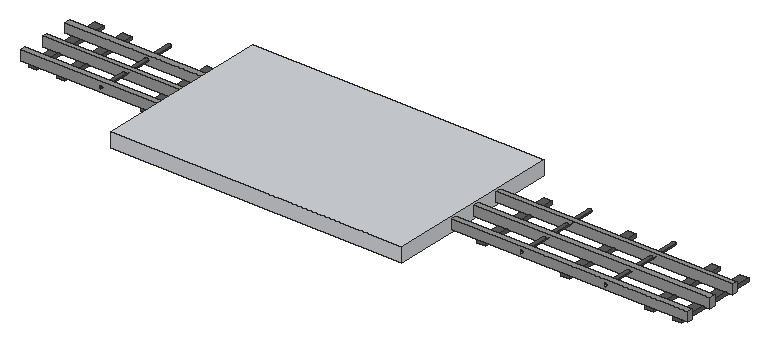
Revit family "1412-3, Veneer", category Generic Models, host Face, Revit 2020
Family settings
  Host = Face
  Can host rebar = No
  Round Connector Dimension = Use Diameter
  Part Type = Normal
  Cut with Voids When Loaded = No
  Shared = No
  Room Calculation Point = No
Parameters
  min_value [instance] = 2' - 4"  # constant formula
  max_value [instance] = 9' - 11 1/4"  # constant formula
  actual_value [instance] = if(NET LENGTH < min_value, min_value, if(NET LENGTH > max_value, max_value, NET LENGTH))  # 7' - 11 1/4"
  NET LENGTH [instance] = 7' - 11 1/4"
  IMPORTANT NOTE!!!                                                                             *Backer & dowel layout is for visualization purposes only, final layout to be determined by 9Wood. [instance] = ""
  Default Elevation = 4' - 0"
  DOWEL RADIUS [instance] = 0' - 0 1/4"  # constant formula
  BACKER & DOWEL MATERIAL [instance] = BLACK-BACKERS
  .. MEMBER WIDTH [instance] = 0' - 0 3/4"  # constant formula
  .. MEMBER MATERIAL [instance] = Veneer Cherry
  .. MEMBER DEPTH [instance] = 0' - 1 3/8"  # constant formula
  .. MEMBER COUNT [instance] = 3  # constant formula
Reference planes (in)
  plane 1 "Center (Front/Back)": y = 0
  plane 2: z = 0
  plane 3 "Center (Left/Right)": x = 0
Forms (in)
  Extrusion 1, solid
    sketch origin (0, 0, 0) x (1, 0, 0) y (0, 1, 0)
      loop
        line (-24.24823, 14.63962) -> (-24.24823, -10.69266) -> (17.36192, -10.69266) -> (17.36192, 14.63962) -> (-24.24823, 14.63962)
    from 0 to 2.0625
Dimensions and locks (in)
  aligned and locked: plane 2 to Extrusion 1
  aligned and locked: nested 1 to plane 2
Nested families (in)
  nested 1: "1400 series" at (-44.01308, -2.1224, -0.06061), NET LENGTH <- "actual_value", .. MEMBER DEPTH <- ".. MEMBER DEPTH", .. MEMBER WIDTH <- ".. MEMBER WIDTH", DOWEL RADIUS <- "DOWEL RADIUS", BACKER & DOWEL MATERIAL <- "BACKER & DOWEL MATERIAL", .. MEMBER MATERIAL <- ".. MEMBER MATERIAL", MEMBER COUNT <- ".. MEMBER COUNT", type "1400 series"
    with X 7' - 8", SCRIM MATERIAL SCRIM, SCRIM LENGTH 8' - 1", SCRIM APPEARANCE yes, SCRIM 2 0' - 0 7/8", SCRIM 1 0' - 0 3/32", OC TYP 1' - 0", NET LENGTH 7' - 11 1/4", N 8, MEMBER COUNT 3, INSET 2 0' - 0 3/16", INSET 0' - 1", HALF MEMBER WIDTH 0' - 0 3/8", END BACKER yes, DOWEL RADIUS 0' - 0 1/4", DOWEL INDEX 0' - 11 5/8", DOWEL COUNT 7, BACKING M COUNT 8, BACKER WIDTH 0' - 1 1/4", BACKER INDEX 0' - 5 5/8", BACKER DEPTH 0' - 0 1/2", BACKER & DOWEL MATERIAL BLACK-BACKERS, BACKER &  DOWEL LENGTH 0' - 11 7/8", .. MEMBER WIDTH 0' - 0 3/4", .. MEMBER OC TYP 0' - 4", .. MEMBER MATERIAL Veneer Cherry, .. MEMBER DEPTH 0' - 1 3/8"
Definition of nested family "1400 series"
  Parameters (values of type "1400 series")
    X [instance] = NET LENGTH - 0' 3 1/4"  # 7' - 2"
    SCRIM MATERIAL [instance] = none
    SCRIM APPEARANCE [instance] = yes
    SCRIM 2 [instance] = 0' - 0 7/8"  # constant formula
    SCRIM 1 [instance] = 0' - 0 3/32"  # constant formula
    OC TYP [instance] = 1' - 0"  # constant formula
    N [instance] = if((X - (rounddown(X / 1' 0") * 1' 0")) > 1' 0", rounddown(X / 1' 0") + 2, rounddown(X / 1' 0") + 1)  # 8
    MEMBER COUNT [instance] = 2
    INSET 5 = 0' - 0 11/16"  # constant formula
    INSET 2 [instance] = 0' - 0 3/16"  # constant formula
    INSET [instance] = 0' - 1"  # constant formula
    END BACKER [instance] = BACKER INDEX > 0' 3 5/8"  # no
    HALF MEMBER WIDTH [instance] = .. MEMBER WIDTH / 2  # 0' - 1 1/8"
    Default Elevation = 0' - 0"
    DOWEL RADIUS [instance] = 0' - 0 1/4"
    DOWEL INDEX [instance] = BACKER INDEX + 0' 6"  # 0' - 8 5/8"
    DOWEL COUNT [instance] = N - 1  # 7
    BACKER WIDTH [instance] = 0' - 1 1/4"  # constant formula
    BACKER INDEX [instance] = (NET LENGTH - ((N - 1) * 1' 0")) / 2  # 0' - 2 5/8"
    BACKER DEPTH [instance] = 0' - 0 1/2"  # constant formula
    BACKING M COUNT [instance] = N  # 8
    BACKER & DOWEL MATERIAL [instance] = none
    BACKER &  DOWEL LENGTH [instance] = 0' - 11 7/8"  # constant formula
    SCRIM LENGTH [instance] = NET LENGTH + (SCRIM 2 * 2)  # 7' - 7"
    .. MEMBER WIDTH [instance] = 0' - 2 1/4"
    .. MEMBER OC TYP [instance] = 1' 0" / MEMBER COUNT  # 0' - 6"
    .. MEMBER MATERIAL [instance] = none
    NET LENGTH [instance] = 7' - 5 1/4"
    .. MEMBER DEPTH [instance] = 0' - 4"
  Reference planes (in)
    plane 1 "Center (Front/Back)": y = 0
    plane 2: z = 0
    plane 3 "Center (Left/Right)": x = 0
    plane 4: x = 89.25
    plane 5: x = 1
    plane 6: x = 88.25
    plane 7: x = 2.625
    plane 8: x = 8.625
    plane 9: x = 14.625
    plane 10: x = 20.625
    plane 11: y = 0.1875
    plane 12: y = 1.125
    plane 13: y = 7.125
    plane 14: y = 12.0625
    plane 15: x = 90.125
    plane 16: x = -0.875
    plane 17: y = 12.15625
    plane 18: y = -0.09375
    plane 19: z = 2.7097
    plane 20: z = 0.56061
    plane 21: z = 1.24811
  Lines and regions (in)
    model lines, not visible
      curve 1: line (8.625, 0, 0.99811) -> (8.625, 0, 1.49811)
      curve 2: line (8.625, 0, 1.49811) -> (8.375, 0, 1.24811)
      curve 3: line (8.375, 0, 1.24811) -> (8.875, 0, 1.24811)
      curve 4: line (20.625, 0, 0.99811) -> (20.625, 0, 1.49811)
      curve 5: line (20.625, 0, 1.49811) -> (20.375, 0, 1.24811)
      curve 6: line (20.375, 0, 1.24811) -> (20.875, 0, 1.24811)
      curve 7: line (32.625, 0, 0.99811) -> (32.625, 0, 1.49811)
      curve 8: line (32.625, 0, 1.49811) -> (32.375, 0, 1.24811)
      curve 9: line (32.375, 0, 1.24811) -> (32.875, 0, 1.24811)
      curve 10: line (44.625, 0, 0.99811) -> (44.625, 0, 1.49811)
      curve 11: line (44.625, 0, 1.49811) -> (44.375, 0, 1.24811)
      curve 12: line (44.375, 0, 1.24811) -> (44.875, 0, 1.24811)
      curve 13: line (56.625, 0, 0.99811) -> (56.625, 0, 1.49811)
      curve 14: line (56.625, 0, 1.49811) -> (56.375, 0, 1.24811)
      curve 15: line (56.375, 0, 1.24811) -> (56.875, 0, 1.24811)
      curve 16: line (68.625, 0, 0.99811) -> (68.625, 0, 1.49811)
      curve 17: line (68.625, 0, 1.49811) -> (68.375, 0, 1.24811)
      curve 18: line (68.375, 0, 1.24811) -> (68.875, 0, 1.24811)
      curve 19: line (80.625, 0, 0.99811) -> (80.625, 0, 1.49811)
      curve 20: line (80.625, 0, 1.49811) -> (80.375, 0, 1.24811)
      curve 21: line (80.375, 0, 1.24811) -> (80.875, 0, 1.24811)
  Dimensions and locks (in)
    "INSET": plane 3 "Center (Left/Right)" to plane 5
    "NET LENGTH": plane 3 "Center (Left/Right)" to plane 4
    "INSET": plane 6 to plane 4
    "BACKER INDEX": plane 3 "Center (Left/Right)" to plane 7
    "DOWEL INDEX": plane 3 "Center (Left/Right)" to plane 8
    "OC TYP": plane 7 to plane 9
    "OC TYP": plane 8 to plane 10
    "INSET 2": plane 1 "Center (Front/Back)" to plane 11
    equal spacing: group 1, group 2, group 5, group 6, group 7, group 13, group 14, group 16  (x3)
    equal spacing: group 3, group 4, group 8, group 9, group 10, group 15, group 17  (x3)
    group 11 to group 12 = 0' - 0"  (x2)
    group 11 to group 12 = 0' - 6"
    ".. MEMBER OC TYP": plane 13 to plane 12
    "HALF MEMBER WIDTH": plane 1 "Center (Front/Back)" to plane 12
    "SCRIM 2": plane 16 to plane 3 "Center (Left/Right)"
    "SCRIM 2": plane 4 to plane 15
    "SCRIM 1": plane 18 to plane 1 "Center (Front/Back)"
    "SCRIM 1": plane 17 to plane 14
    "INSET 5": plane 21 to plane 20
    aligned and locked: level to plane 2
    aligned and locked: plane 7 to nested 2
    aligned and locked: plane 5 to nested 1
    aligned and locked: plane 9 to nested 3
    aligned and locked: nested 1 to plane 5
    aligned and locked: nested 2 to plane 11
    aligned and locked: nested 1 to plane 11
    aligned and locked: nested 3 to plane 11
    aligned and locked: nested 4 to plane 11  (x2)
    aligned and locked: plane 10 to nested 5
    aligned and locked: plane 6 to nested 12
    aligned and locked: nested 5 to plane 11
    aligned and locked: plane 11 to nested 12
    aligned and locked: plane 12 to nested 13
    aligned and locked: nested 14 to plane 13
    aligned and locked: plane 14 to nested 8
    aligned and locked: nested 13 to plane 20
    aligned and locked: plane 21 to nested 4
    aligned and locked: plane 21 to nested 5
    aligned and locked: nested 13 to plane 8
    aligned and locked: plane 10 to nested 13
    aligned and locked: curve 1 to nested 13
    aligned and locked: nested 13 to curve 4
    aligned and locked: plane 20 to nested 1
    aligned and locked: plane 20 to nested 2
    aligned and locked: nested 12 to plane 20
  Automatic sketch dimensions
    curve 3 to curve 1 = 0' - 0 1/4"  (x2)
    curve 1 to curve 3 = 0' - 0 1/4"
    curve 1 to curve 2 = 0' - 0 1/4"
    curve 6 to curve 4 = 0' - 0 1/4"  (x2)
    curve 4 to curve 6 = 0' - 0 1/4"
    curve 4 to curve 5 = 0' - 0 1/4"
    curve 9 to curve 7 = 0' - 0 1/4"  (x2)
    curve 7 to curve 9 = 0' - 0 1/4"
    curve 7 to curve 8 = 0' - 0 1/4"
    curve 12 to curve 10 = 0' - 0 1/4"  (x2)
    curve 10 to curve 12 = 0' - 0 1/4"
    curve 10 to curve 11 = 0' - 0 1/4"
    curve 15 to curve 13 = 0' - 0 1/4"  (x2)
    curve 13 to curve 15 = 0' - 0 1/4"
    curve 13 to curve 14 = 0' - 0 1/4"
    curve 18 to curve 16 = 0' - 0 1/4"  (x2)
    curve 16 to curve 18 = 0' - 0 1/4"
    curve 16 to curve 17 = 0' - 0 1/4"
    curve 21 to curve 19 = 0' - 0 1/4"  (x2)
    curve 19 to curve 21 = 0' - 0 1/4"
    curve 19 to curve 20 = 0' - 0 1/4"
  Nested families (in)
    nested 1: "INSTANCE - 3RD -  EXTEND BOTH SIDES - Parametric Cube.0001" at (1, 0.1875, 0.56061), Length <- "BACKER &  DOWEL LENGTH", Width <- "BACKER WIDTH", Height <- "BACKER DEPTH", Material <- "BACKER & DOWEL MATERIAL", visible <- "END BACKER", type "INSTANCE - 3RD -  EXTEND BOTH SIDES - Parametric Cube.0001"
      with Width 0' - 1 1/4", Material none, Length 0' - 11 7/8", Height 0' - 0 1/2"
    nested 2: "INSTANCE - 2ND -  EXTEND SIDE H CENTER W - Parametric Cube.0001" at (2.625, 0.1875, 0.56061), Width <- "BACKER WIDTH", Length <- "BACKER &  DOWEL LENGTH", Height <- "BACKER DEPTH", Material <- "BACKER & DOWEL MATERIAL", type "INSTANCE - 2ND -  EXTEND SIDE H CENTER W - Parametric Cube.0001"
      with Width 0' - 1 1/4", Material none, Length 0' - 11 7/8", Height 0' - 0 1/2"
    nested 3: "INSTANCE - 2ND -  EXTEND SIDE H CENTER W - Parametric Cube.0001" at (14.625, 0.1875, 0.56061), Width <- "BACKER WIDTH", Length <- "BACKER &  DOWEL LENGTH", Height <- "BACKER DEPTH", Material <- "BACKER & DOWEL MATERIAL", type "INSTANCE - 2ND -  EXTEND SIDE H CENTER W - Parametric Cube.0001"
      with Width 0' - 1 1/4", Material none, Length 0' - 11 7/8", Height 0' - 0 1/2"
    nested 4: "DOWEL" at (-1.375, 0.1875, 1.24811), DOWEL LENGTH <- "BACKER &  DOWEL LENGTH", DOWEL RADII <- "DOWEL RADIUS", BACKING MEM MATERIAL <- "BACKER & DOWEL MATERIAL", type "DOWEL"
      with DOWEL RADII 0' - 0 1/4", DOWEL LENGTH 0' - 11 7/8", BACKING MEM MATERIAL none
    nested 5: "DOWEL" at (10.625, 0.1875, 1.24811), DOWEL LENGTH <- "BACKER &  DOWEL LENGTH", DOWEL RADII <- "DOWEL RADIUS", BACKING MEM MATERIAL <- "BACKER & DOWEL MATERIAL", type "DOWEL"
      with DOWEL RADII 0' - 0 1/4", DOWEL LENGTH 0' - 11 7/8", BACKING MEM MATERIAL none
    nested 6: "INSTANCE - 2ND -  EXTEND SIDE H CENTER W - Parametric Cube.0001" at (26.625, 0.1875, 0.56061), Width <- "BACKER WIDTH", Length <- "BACKER &  DOWEL LENGTH", Height <- "BACKER DEPTH", Material <- "BACKER & DOWEL MATERIAL", type "INSTANCE - 2ND -  EXTEND SIDE H CENTER W - Parametric Cube.0001"
      with Width 0' - 1 1/4", Material none, Length 0' - 11 7/8", Height 0' - 0 1/2"
    nested 7: "INSTANCE - 2ND -  EXTEND SIDE H CENTER W - Parametric Cube.0001" at (38.625, 0.1875, 0.56061), Width <- "BACKER WIDTH", Length <- "BACKER &  DOWEL LENGTH", Height <- "BACKER DEPTH", Material <- "BACKER & DOWEL MATERIAL", type "INSTANCE - 2ND -  EXTEND SIDE H CENTER W - Parametric Cube.0001"
      with Width 0' - 1 1/4", Material none, Length 0' - 11 7/8", Height 0' - 0 1/2"
    nested 8: "INSTANCE - 2ND -  EXTEND SIDE H CENTER W - Parametric Cube.0001" at (50.625, 0.1875, 0.56061), Width <- "BACKER WIDTH", Length <- "BACKER &  DOWEL LENGTH", Height <- "BACKER DEPTH", Material <- "BACKER & DOWEL MATERIAL", type "INSTANCE - 2ND -  EXTEND SIDE H CENTER W - Parametric Cube.0001"
      with Width 0' - 1 1/4", Material none, Length 0' - 11 7/8", Height 0' - 0 1/2"
    nested 9: "DOWEL" at (22.625, 0.1875, 1.24811), DOWEL LENGTH <- "BACKER &  DOWEL LENGTH", DOWEL RADII <- "DOWEL RADIUS", BACKING MEM MATERIAL <- "BACKER & DOWEL MATERIAL", type "DOWEL"
      with DOWEL RADII 0' - 0 1/4", DOWEL LENGTH 0' - 11 7/8", BACKING MEM MATERIAL none
    nested 10: "DOWEL" at (34.625, 0.1875, 1.24811), DOWEL LENGTH <- "BACKER &  DOWEL LENGTH", DOWEL RADII <- "DOWEL RADIUS", BACKING MEM MATERIAL <- "BACKER & DOWEL MATERIAL", type "DOWEL"
      with DOWEL RADII 0' - 0 1/4", DOWEL LENGTH 0' - 11 7/8", BACKING MEM MATERIAL none
    nested 11: "DOWEL" at (46.625, 0.1875, 1.24811), DOWEL LENGTH <- "BACKER &  DOWEL LENGTH", DOWEL RADII <- "DOWEL RADIUS", BACKING MEM MATERIAL <- "BACKER & DOWEL MATERIAL", type "DOWEL"
      with DOWEL RADII 0' - 0 1/4", DOWEL LENGTH 0' - 11 7/8", BACKING MEM MATERIAL none
    nested 12: "INSTANCE - 3RD -  EXTEND BOTH SIDES - Parametric Cube.0001" at (88.25, 0.1875, 0.56061) x (-1, 0, 0) z (0, 0, 1), Width <- "BACKER WIDTH", Length <- "BACKER &  DOWEL LENGTH", Height <- "BACKER DEPTH", Material <- "BACKER & DOWEL MATERIAL", visible <- "END BACKER", type "INSTANCE - 3RD -  EXTEND BOTH SIDES - Parametric Cube.0001"
      with Width 0' - 1 1/4", Material none, Length 0' - 11 7/8", Height 0' - 0 1/2"
    nested 13: "HOLED MEMBER" at (0, -9.75, 8.12965), DOWEL INDEX <- "DOWEL INDEX", .. MEMBER LENGTH <- "NET LENGTH", .. MEMBER WIDTH <- ".. MEMBER WIDTH", DOWEL OC DIST <- "OC TYP", DOWEL RADII <- "DOWEL RADIUS", Material <- ".. MEMBER MATERIAL", DEPTH <- ".. MEMBER DEPTH", DOWEL COUNT <- "DOWEL COUNT", Space <- "INSET 5", type "HOLED MEMBER"
      with Space 0' - 0 11/16", Material none, Height 0' - 10.43096", HALF MEMBER WIDTH 0' - 1 1/8", DOWEL RADII 0' - 0 1/4", DOWEL OC DIST 1' - 0", DOWEL INDEX 0' - 8 5/8", DOWEL COUNT 7, DEPTH 0' - 4", .. MEMBER WIDTH 0' - 2 1/4", .. MEMBER LENGTH 7' - 5 1/4"
    nested 14: "HOLED MEMBER" at (0, -3.75, 8.12965), DOWEL INDEX <- "DOWEL INDEX", .. MEMBER LENGTH <- "NET LENGTH", .. MEMBER WIDTH <- ".. MEMBER WIDTH", DOWEL OC DIST <- "OC TYP", DOWEL RADII <- "DOWEL RADIUS", Material <- ".. MEMBER MATERIAL", DEPTH <- ".. MEMBER DEPTH", DOWEL COUNT <- "DOWEL COUNT", Space <- "INSET 5", type "HOLED MEMBER"
      with Space 0' - 0 11/16", Material none, Height 0' - 10.43096", HALF MEMBER WIDTH 0' - 1 1/8", DOWEL RADII 0' - 0 1/4", DOWEL OC DIST 1' - 0", DOWEL INDEX 0' - 8 5/8", DOWEL COUNT 7, DEPTH 0' - 4", .. MEMBER WIDTH 0' - 2 1/4", .. MEMBER LENGTH 7' - 5 1/4"
    nested 15: "INSTANCE - 2ND -  EXTEND SIDE H CENTER W - Parametric Cube.0001" at (62.625, 0.1875, 0.56061), Width <- "BACKER WIDTH", Length <- "BACKER &  DOWEL LENGTH", Height <- "BACKER DEPTH", Material <- "BACKER & DOWEL MATERIAL", type "INSTANCE - 2ND -  EXTEND SIDE H CENTER W - Parametric Cube.0001"
      with Width 0' - 1 1/4", Material none, Length 0' - 11 7/8", Height 0' - 0 1/2"
    nested 16: "INSTANCE - 2ND -  EXTEND SIDE H CENTER W - Parametric Cube.0001" at (74.625, 0.1875, 0.56061), Width <- "BACKER WIDTH", Length <- "BACKER &  DOWEL LENGTH", Height <- "BACKER DEPTH", Material <- "BACKER & DOWEL MATERIAL", type "INSTANCE - 2ND -  EXTEND SIDE H CENTER W - Parametric Cube.0001"
      with Width 0' - 1 1/4", Material none, Length 0' - 11 7/8", Height 0' - 0 1/2"
    nested 17: "DOWEL" at (58.625, 0.1875, 1.24811), DOWEL LENGTH <- "BACKER &  DOWEL LENGTH", DOWEL RADII <- "DOWEL RADIUS", BACKING MEM MATERIAL <- "BACKER & DOWEL MATERIAL", type "DOWEL"
      with DOWEL RADII 0' - 0 1/4", DOWEL LENGTH 0' - 11 7/8", BACKING MEM MATERIAL none
    nested 18: "INSTANCE - 2ND -  EXTEND SIDE H CENTER W - Parametric Cube.0001" at (86.625, 0.1875, 0.56061), Width <- "BACKER WIDTH", Length <- "BACKER &  DOWEL LENGTH", Height <- "BACKER DEPTH", Material <- "BACKER & DOWEL MATERIAL", type "INSTANCE - 2ND -  EXTEND SIDE H CENTER W - Parametric Cube.0001"
      with Width 0' - 1 1/4", Material none, Length 0' - 11 7/8", Height 0' - 0 1/2"
    nested 19: "DOWEL" at (70.625, 0.1875, 1.24811), DOWEL LENGTH <- "BACKER &  DOWEL LENGTH", DOWEL RADII <- "DOWEL RADIUS", BACKING MEM MATERIAL <- "BACKER & DOWEL MATERIAL", type "DOWEL"
      with DOWEL RADII 0' - 0 1/4", DOWEL LENGTH 0' - 11 7/8", BACKING MEM MATERIAL none
  Definition of nested family "INSTANCE - 3RD -  EXTEND BOTH SIDES - Parametric Cube.0001"
    Parameters (values of type "INSTANCE - 3RD -  EXTEND BOTH SIDES - Parametric Cube.0001")
      Width [instance] = 0' - 6"
      Material [instance] = none
      Length [instance] = 1' - 0"
      Height [instance] = 1' - 6"
      Default Elevation = 0' - 0"
    Reference planes (in)
      plane 1 "Center (Front/Back)": y = 0
      plane 2: z = 0
      plane 3 "Center (Left/Right)": x = 0
      plane 4: x = 6
      plane 5: y = 12
      plane 6: z = -18
    Forms (in)
      Extrusion 1, solid, material <- "Material"
        sketch origin (0, 6, 0) x (1, 0, 0) y (0, 1, 0)
          loop
            line (0, 6) -> (0, -6) -> (6, -6) -> (6, 6) -> (0, 6)
        from -18 to 0
    Dimensions and locks (in)
      "Height": plane 6 to level
      "Length": plane 1 "Center (Front/Back)" to plane 5
      "Width": plane 3 "Center (Left/Right)" to plane 4
      aligned and locked: plane 2 to level
      aligned and locked: Extrusion 1 sketch curve to plane 4
      aligned and locked: Extrusion 1 to plane 6
      aligned and locked: plane 5 to Extrusion 1
      aligned and locked: Extrusion 1 to plane 3 "Center (Left/Right)"
    Automatic sketch dimensions
      plane 1 "Center (Front/Back)" to Extrusion 1 sketch curve = 0' - 0"
      plane 5 to Extrusion 1 sketch curve = 0' - 0"
      Extrusion 1 sketch curve to plane 3 "Center (Left/Right)" = 0' - 0"
  Definition of nested family "INSTANCE - 2ND -  EXTEND SIDE H CENTER W - Parametric Cube.0001"
    Parameters (values of type "INSTANCE - 2ND -  EXTEND SIDE H CENTER W - Parametric Cube.0001")
      Width [instance] = 0' - 6"
      Material [instance] = none
      Length [instance] = 1' - 0"
      Height [instance] = 1' - 6"
      Default Elevation = 0' - 0"
    Reference planes (in)
      plane 1 "Center (Front/Back)": y = 0
      plane 2: z = 0
      plane 3 "Center (Left/Right)": x = 0
      plane 4: x = -3
      plane 5: x = 3
      plane 6: y = 12
      plane 7: z = -18
    Forms (in)
      Extrusion 1, solid, material <- "Material"
        sketch origin (0, 6, 0) x (1, 0, 0) y (0, 1, 0)
          loop
            line (-3, 6) -> (-3, -6) -> (3, -6) -> (3, 6) -> (-3, 6)
        from -18 to 0
    Dimensions and locks (in)
      equal spacing: plane 4, plane 3 "Center (Left/Right)", plane 5
      "Width": plane 4 to plane 5
      "Height": plane 7 to level
      "Length": plane 1 "Center (Front/Back)" to plane 6
      aligned and locked: plane 2 to level
      aligned and locked: plane 4 to Extrusion 1 sketch curve
      aligned and locked: Extrusion 1 sketch curve to plane 5
      aligned and locked: Extrusion 1 to plane 7
      aligned and locked: plane 6 to Extrusion 1
    Automatic sketch dimensions
      plane 1 "Center (Front/Back)" to Extrusion 1 sketch curve = 0' - 0"
      plane 6 to Extrusion 1 sketch curve = 0' - 0"
  Definition of nested family "DOWEL"
    Parameters (values of type "DOWEL")
      Default Elevation = 0' - 0"
      DOWEL RADII [instance] = 0' - 0 5/8"
      DOWEL LENGTH [instance] = 1' - 0"
      BACKING MEM MATERIAL [instance] = none
    Reference planes (in)
      plane 1 "Center (Front/Back)": y = 0
      plane 2: z = 0
      plane 3 "Center (Left/Right)": x = 0
      plane 4: y = 12
    Forms (in)
      Extrusion 1, solid, material <- "BACKING MEM MATERIAL"
        sketch origin (10, 0, 0) x (1, 0, 0) y (0, 0, 1)
          loop
            circle (0, 0) r 0.625
        from 0 to -12
      Extrusion 2, solid, not visible
        sketch origin (0, 0, 0) x (1, 0, 0) y (0, 0, 1)
          loop
            circle (0, 0) r 0.625
        from 0 to 12
      Extrusion 3, solid, not visible
        sketch origin (10, 0, 0) x (1, 0, 0) y (0, 0, 1)
          loop
            circle (0, 0) r 0.625
        from 0 to 2.5
      Extrusion 4, solid, not visible
        sketch origin (10, 0, 0) x (1, 0, 0) y (0, 0, 1)
          loop
            circle (0, 0) r 0.625
        from 0 to -12
    Lines and regions (in)
      model lines, not visible
        curve 1: line (-13, 0, 0) -> (-13, -12, 0)
        curve 2: line (13, 0, 0) -> (13, -12, 0)
        curve 3: line (9.89453, 0, 0) -> (10.08794, 0, 0)
        curve 4: line (9.89453, -2.5, 0) -> (10.08794, -2.5, 0)
        curve 6: line (10, 0, 0) -> (10, 2, 0)
      model lines
        curve 5: line (10, 0, 0) -> (10, 2, 0)
    Dimensions and locks (in)
      "DOWEL LENGTH": plane 1 "Center (Front/Back)" to plane 4
      "DOWEL RADII": radius of Extrusion 1 sketch curve
      "DOWEL RADII": radius of Extrusion 2 sketch curve
      "DOWEL RADII": radius of Extrusion 3 sketch curve
      "DOWEL RADII": radius of Extrusion 4 sketch curve
      "DOWEL RADII": radius of Extrusion 1
      aligned and locked: plane 2 to level
      aligned and locked: Extrusion 1 to plane 1 "Center (Front/Back)"  (x3)
      aligned and locked: plane 1 "Center (Front/Back)" to Extrusion 1
      aligned and locked: plane 4 to Extrusion 1
    Automatic sketch dimensions
      plane 1 "Center (Front/Back)" to curve 5 = 0' - 0"
      curve 5 to plane 1 "Center (Front/Back)" = 0' - 2"
      plane 3 "Center (Left/Right)" to curve 5 = 0' - 10"
      Extrusion 1 sketch curve to level = 0' - 0"
      plane 3 "Center (Left/Right)" to Extrusion 1 sketch curve = 0' - 10"
  Definition of nested family "HOLED MEMBER"
    Parameters (values of type "HOLED MEMBER")
      Space [instance] = 0' - 0 5/8"
      Material [instance] = none
      Height [instance] = 0' - 10.43096"
      HALF MEMBER WIDTH [instance] = .. MEMBER WIDTH / 2  # 0' - 0 5/16"
      Default Elevation = 0' - 0"
      DOWEL RADII [instance] = 0' - 0.34537"
      DOWEL OC DIST [instance] = 1' - 0"
      DOWEL INSET = 0' - 0 5/8"
      DOWEL INDEX [instance] = 0' - 5 5/8"
      DOWEL COUNT [instance] = 6
      DEPTH [instance] = 0' - 2"
      .. MEMBER WIDTH [instance] = 0' - 0 5/8"
      .. MEMBER LENGTH [instance] = 5' - 11 3/4"
    Reference planes (in)
      plane 1 "Center (Front/Back)": y = 12
      plane 2: z = -7.56904
      plane 3 "Center (Left/Right)": x = 0
      plane 4: x = 5.625
      plane 5: x = 17.625
      plane 6: y = 11.375
      plane 7: x = 71.75
      plane 8: y = 11.6875
      plane 9: z = -6.94404
      plane 10: z = -5.56904
    Forms (in)
      Extrusion 1, solid, material <- "Material"
        sketch origin (0, 12, -13.56904) x (1, 0, 0) y (0, 0, 1)
          loop
            line (0, 6) -> (71.75, 6) -> (71.75, 8) -> (0, 8) -> (0, 6)
        from 0.625 to 0
      Extrusion 2, void
        sketch origin (0, 12, -18.31904) x (1, 0, 0) y (0, 0, 1)
          loop
            circle (5.625, 11.375) r 0.34537
        from 0 to 12
      Extrusion 3, void, not visible
        sketch origin (0, 0, 0) x (1, 0, 0) y (0, 1, 0)
          loop
            circle (5.625, 11.375) r 0.34537
        from 0 to 12
      Extrusion 4, void, not visible
        sketch origin (0, 0, 0) x (1, 0, 0) y (0, 1, 0)
          loop
            circle (5.625, 11.375) r 0.34537
        from 0 to 12
      Extrusion 5, void, not visible
        sketch origin (12, 0, 0) x (1, 0, 0) y (0, 1, 0)
          loop
            circle (5.625, 11.375) r 0.34537
        from 0 to 12
      Extrusion 6, void, not visible
        sketch origin (0, 12, -17.56904) x (1, 0, 0) y (0, 0, 1)
          loop
            circle (5.625, 11.375) r 0.34537
        from 0 to 12
      Extrusion 7, void, not visible
        sketch origin (12, 12, -17.56904) x (1, 0, 0) y (0, 0, 1)
          loop
            circle (5.625, 11.375) r 0.34537
        from 0 to 12
      Extrusion 8, void, not visible
        sketch origin (0, 12, -19.56904) x (1, 0, 0) y (0, 0, 1)
          loop
            circle (5.625, 11.375) r 0.34537
        from 0 to 12
      Extrusion 9, void
        sketch origin (12, 12, -18.31904) x (1, 0, 0) y (0, 0, 1)
          loop
            circle (5.625, 11.375) r 0.34537
        from 0 to 12
      Extrusion 10, void
        sketch origin (24, 12, -18.31904) x (1, 0, 0) y (0, 0, 1)
          loop
            circle (5.625, 11.375) r 0.34537
        from 0 to 12
      Extrusion 11, void
        sketch origin (36, 12, -18.31904) x (1, 0, 0) y (0, 0, 1)
          loop
            circle (5.625, 11.375) r 0.34537
        from 0 to 12
      Extrusion 12, void
        sketch origin (48, 12, -18.31904) x (1, 0, 0) y (0, 0, 1)
          loop
            circle (5.625, 11.375) r 0.34537
        from 0 to 12
      Extrusion 13, void
        sketch origin (60, 12, -18.31904) x (1, 0, 0) y (0, 0, 1)
          loop
            circle (5.625, 11.375) r 0.34537
        from 0 to 12
      Extrusion 14, void, not visible
        sketch origin (24, 12, -17.56904) x (1, 0, 0) y (0, 0, 1)
          loop
            circle (5.625, 11.375) r 0.34537
        from 0 to 12
      Extrusion 15, void, not visible
        sketch origin (36, 12, -17.56904) x (1, 0, 0) y (0, 0, 1)
          loop
            circle (5.625, 11.375) r 0.34537
        from 0 to 12
      Extrusion 16, void, not visible
        sketch origin (48, 12, -17.56904) x (1, 0, 0) y (0, 0, 1)
          loop
            circle (5.625, 11.375) r 0.34537
        from 0 to 12
      Extrusion 17, void, not visible
        sketch origin (60, 12, -17.56904) x (1, 0, 0) y (0, 0, 1)
          loop
            circle (5.625, 11.375) r 0.34537
        from 0 to 12
      Extrusion 18, void, not visible
        sketch origin (24, 0, 0) x (1, 0, 0) y (0, 1, 0)
          loop
            circle (5.625, 11.375) r 0.34537
        from 0 to 12
      Extrusion 19, void, not visible
        sketch origin (36, 0, 0) x (1, 0, 0) y (0, 1, 0)
          loop
            circle (5.625, 11.375) r 0.34537
        from 0 to 12
      Extrusion 20, void, not visible
        sketch origin (48, 0, 0) x (1, 0, 0) y (0, 1, 0)
          loop
            circle (5.625, 11.375) r 0.34537
        from 0 to 12
      Extrusion 21, void, not visible
        sketch origin (60, 0, 0) x (1, 0, 0) y (0, 1, 0)
          loop
            circle (5.625, 11.375) r 0.34537
        from 0 to 12
    Cuts and joins
      Extrusion 2, Extrusion 9, Extrusion 10, Extrusion 11, Extrusion 12, Extrusion 13 cuts Extrusion 1
    Lines and regions (in)
      model lines, not visible
        curve 1: line (5.625, 11.72037, 0) -> (5.625, 11.02963, 0)
        curve 2: line (5.625, 11.72037, 0) -> (5.625, 11.02963, 0)
        curve 3: line (17.625, 11.72037, 0) -> (17.625, 11.02963, 0)
        curve 4: line (5.625, 12, -7.56904) -> (5.625, 11.87317, -7.56904)
        curve 5: line (5.625, 11.87317, -7.56904) -> (5.06195, 11.87317, -7.56904)
        curve 6: line (5.06195, 11.87317, -7.56904) -> (5.27963, 11.375, -7.56904)
        curve 7: line (0, 12, -6.19404) -> (0, 11.61951, -6.19404)
        curve 9: line (0, 11.375, -8.19404) -> (0, 11.6747, -8.19404)
        curve 10: line (5.625, 12, -7.56904) -> (5.625, 11.69863, -7.56904)
        curve 11: line (5.625, 12, -7.56904) -> (5.625, 11.69863, -7.56904)
        curve 12: line (5.625, 10.75, 0) -> (5.625, 10.75, 0.30137)
        curve 13: line (5.625, 10.75, 0) -> (5.625, 10.75, 0.30137)
        curve 14: line (17.625, 10.75, 0) -> (17.625, 10.75, 0.30137)
        curve 15: line (5.625, 12, -6.81904) -> (5.625, 11.69863, -6.81904)
        curve 16: line (17.625, 12, -6.81904) -> (17.625, 11.69863, -6.81904)
        curve 17: line (5.625, 12, -8.81904) -> (5.625, 11.69863, -8.81904)
        curve 18: line (17.625, 12, -7.56904) -> (17.625, 11.69863, -7.56904)
        curve 19: line (29.625, 12, -7.56904) -> (29.625, 11.69863, -7.56904)
        curve 20: line (41.625, 12, -7.56904) -> (41.625, 11.69863, -7.56904)
        curve 21: line (53.625, 12, -7.56904) -> (53.625, 11.69863, -7.56904)
        curve 22: line (65.625, 12, -7.56904) -> (65.625, 11.69863, -7.56904)
        curve 23: line (29.625, 12, -6.81904) -> (29.625, 11.69863, -6.81904)
        curve 24: line (41.625, 12, -6.81904) -> (41.625, 11.69863, -6.81904)
        curve 25: line (53.625, 12, -6.81904) -> (53.625, 11.69863, -6.81904)
        curve 26: line (65.625, 12, -6.81904) -> (65.625, 11.69863, -6.81904)
        curve 27: line (29.625, 11.72037, 0) -> (29.625, 11.02963, 0)
        curve 28: line (29.625, 10.75, 0) -> (29.625, 10.75, 0.30137)
        curve 29: line (41.625, 11.72037, 0) -> (41.625, 11.02963, 0)
        curve 30: line (41.625, 10.75, 0) -> (41.625, 10.75, 0.30137)
        curve 31: line (53.625, 11.72037, 0) -> (53.625, 11.02963, 0)
        curve 32: line (53.625, 10.75, 0) -> (53.625, 10.75, 0.30137)
        curve 33: line (65.625, 11.72037, 0) -> (65.625, 11.02963, 0)
        curve 34: line (65.625, 10.75, 0) -> (65.625, 10.75, 0.30137)
        curve 35: line (5.27963, 12, -6.94404) -> (5.97037, 12, -6.94404)
        curve 36: line (5.97037, 12, -6.94404) -> (5.625, 12, -6.59867)
        curve 37: line (5.625, 12, -6.59867) -> (5.625, 12, -7.28941)
        curve 38: line (5.27963, 11.375, 0) -> (5.97037, 11.375, 0)
        curve 39: line (5.97037, 11.375, 0) -> (5.625, 11.72037, 0)
        curve 40: line (5.625, 11.72037, 0) -> (5.625, 11.02963, 0)
        curve 41: line (5.27963, 11.375, 0) -> (5.97037, 11.375, 0)
        curve 42: line (5.97037, 11.375, 0) -> (5.625, 11.72037, 0)
        curve 43: line (5.625, 11.72037, 0) -> (5.625, 11.02963, 0)
        curve 44: line (17.27963, 11.375, 0) -> (17.97037, 11.375, 0)
        curve 45: line (17.97037, 11.375, 0) -> (17.625, 11.72037, 0)
        curve 46: line (17.625, 11.72037, 0) -> (17.625, 11.02963, 0)
        curve 47: line (5.27963, 12, -6.19404) -> (5.97037, 12, -6.19404)
        curve 48: line (5.97037, 12, -6.19404) -> (5.625, 12, -5.84867)
        curve 49: line (5.625, 12, -5.84867) -> (5.625, 12, -6.53941)
        curve 50: line (17.27963, 12, -6.19404) -> (17.97037, 12, -6.19404)
        curve 51: line (17.97037, 12, -6.19404) -> (17.625, 12, -5.84867)
        curve 52: line (17.625, 12, -5.84867) -> (17.625, 12, -6.53941)
        curve 53: line (5.27963, 12, -8.19404) -> (5.97037, 12, -8.19404)
        curve 54: line (5.97037, 12, -8.19404) -> (5.625, 12, -7.84867)
        curve 55: line (5.625, 12, -7.84867) -> (5.625, 12, -8.53941)
        curve 56: line (17.27963, 12, -6.94404) -> (17.97037, 12, -6.94404)
        curve 57: line (17.97037, 12, -6.94404) -> (17.625, 12, -6.59867)
        curve 58: line (17.625, 12, -6.59867) -> (17.625, 12, -7.28941)
        curve 59: line (29.27963, 12, -6.94404) -> (29.97037, 12, -6.94404)
        curve 60: line (29.97037, 12, -6.94404) -> (29.625, 12, -6.59867)
        curve 61: line (29.625, 12, -6.59867) -> (29.625, 12, -7.28941)
        curve 62: line (41.27963, 12, -6.94404) -> (41.97037, 12, -6.94404)
        curve 63: line (41.97037, 12, -6.94404) -> (41.625, 12, -6.59867)
        curve 64: line (41.625, 12, -6.59867) -> (41.625, 12, -7.28941)
        curve 65: line (53.27963, 12, -6.94404) -> (53.97037, 12, -6.94404)
        curve 66: line (53.97037, 12, -6.94404) -> (53.625, 12, -6.59867)
        curve 67: line (53.625, 12, -6.59867) -> (53.625, 12, -7.28941)
        curve 68: line (65.27963, 12, -6.94404) -> (65.97037, 12, -6.94404)
        curve 69: line (65.97037, 12, -6.94404) -> (65.625, 12, -6.59867)
        curve 70: line (65.625, 12, -6.59867) -> (65.625, 12, -7.28941)
        curve 71: line (29.27963, 12, -6.19404) -> (29.97037, 12, -6.19404)
        curve 72: line (29.97037, 12, -6.19404) -> (29.625, 12, -5.84867)
        curve 73: line (29.625, 12, -5.84867) -> (29.625, 12, -6.53941)
        curve 74: line (41.27963, 12, -6.19404) -> (41.97037, 12, -6.19404)
        curve 75: line (41.97037, 12, -6.19404) -> (41.625, 12, -5.84867)
        curve 76: line (41.625, 12, -5.84867) -> (41.625, 12, -6.53941)
        curve 77: line (53.27963, 12, -6.19404) -> (53.97037, 12, -6.19404)
        curve 78: line (53.97037, 12, -6.19404) -> (53.625, 12, -5.84867)
        curve 79: line (53.625, 12, -5.84867) -> (53.625, 12, -6.53941)
        curve 80: line (65.27963, 12, -6.19404) -> (65.97037, 12, -6.19404)
        curve 81: line (65.97037, 12, -6.19404) -> (65.625, 12, -5.84867)
        curve 82: line (65.625, 12, -5.84867) -> (65.625, 12, -6.53941)
        curve 83: line (29.27963, 11.375, 0) -> (29.97037, 11.375, 0)
        curve 84: line (29.97037, 11.375, 0) -> (29.625, 11.72037, 0)
        curve 85: line (29.625, 11.72037, 0) -> (29.625, 11.02963, 0)
        curve 86: line (41.27963, 11.375, 0) -> (41.97037, 11.375, 0)
        curve 87: line (41.97037, 11.375, 0) -> (41.625, 11.72037, 0)
        curve 88: line (41.625, 11.72037, 0) -> (41.625, 11.02963, 0)
        curve 89: line (53.27963, 11.375, 0) -> (53.97037, 11.375, 0)
        curve 90: line (53.97037, 11.375, 0) -> (53.625, 11.72037, 0)
        curve 91: line (53.625, 11.72037, 0) -> (53.625, 11.02963, 0)
        curve 92: line (65.27963, 11.375, 0) -> (65.97037, 11.375, 0)
        curve 93: line (65.97037, 11.375, 0) -> (65.625, 11.72037, 0)
        curve 94: line (65.625, 11.72037, 0) -> (65.625, 11.02963, 0)
      model lines
        curve 8: line (5.625, 12, -7.56904) -> (5.625, 11.69863, -7.56904)
    Dimensions and locks (in)
      "DOWEL INDEX": plane 3 "Center (Left/Right)" to plane 4
      "DOWEL OC DIST": plane 4 to plane 5
      ".. MEMBER LENGTH": plane 3 "Center (Left/Right)" to plane 7
      equal spacing: group 3, group 4, group 21, group 22, group 23, group 24  (x3)
      equal spacing: group 7, group 8, group 17, group 18, group 19, group 20  (x3)
      ".. MEMBER WIDTH": plane 6 to plane 1 "Center (Front/Back)"
      "HALF MEMBER WIDTH": plane 8 to plane 1 "Center (Front/Back)"
      equal spacing: group 1, group 12, group 13, group 14, group 15, group 16  (x2)
      equal spacing: group 16, group 15, group 14, group 13, group 12, group 1
      "DEPTH": plane 10 to level
      "Space": plane 9 to level
      "DOWEL RADII": radius of Extrusion 2 sketch curve
      "DOWEL RADII": radius of Extrusion 3 sketch curve
      "DOWEL RADII": radius of Extrusion 4 sketch curve
      "DOWEL RADII": radius of Extrusion 5 sketch curve
      "DOWEL RADII": radius of Extrusion 6 sketch curve
      "DOWEL RADII": radius of Extrusion 7 sketch curve
      "DOWEL RADII": radius of Extrusion 8 sketch curve
      "DOWEL RADII": radius of Extrusion 9 sketch curve
      "DOWEL RADII": radius of Extrusion 10 sketch curve
      "DOWEL RADII": radius of Extrusion 11 sketch curve
      "DOWEL RADII": radius of Extrusion 12 sketch curve
      "DOWEL RADII": radius of Extrusion 13 sketch curve
      "DOWEL RADII": radius of Extrusion 14 sketch curve
      "DOWEL RADII": radius of Extrusion 15 sketch curve
      "DOWEL RADII": radius of Extrusion 16 sketch curve
      "DOWEL RADII": radius of Extrusion 17 sketch curve
      "DOWEL RADII": radius of Extrusion 18 sketch curve
      "DOWEL RADII": radius of Extrusion 19 sketch curve
      "DOWEL RADII": radius of Extrusion 20 sketch curve
      "DOWEL RADII": radius of Extrusion 21 sketch curve
      aligned and locked: level to plane 2
      aligned and locked: Extrusion 1 to plane 3 "Center (Left/Right)"  (x2)
      aligned and locked: plane 7 to cut or joined group of Extrusion 1, Extrusion 2, Extrusion 9, Extrusion 10, Extrusion 11, Extrusion 12, Extrusion 13  (x2)
      aligned and locked: cut or joined group of Extrusion 1, Extrusion 2, Extrusion 9, Extrusion 10, Extrusion 11, Extrusion 12, Extrusion 13 to plane 1 "Center (Front/Back)"  (x2)
      aligned and locked: cut or joined group of Extrusion 1, Extrusion 2, Extrusion 9, Extrusion 10, Extrusion 11, Extrusion 12, Extrusion 13 to plane 6  (x2)
      aligned and locked: plane 4 to curve 11
      aligned and locked: curve 18 to plane 5
      aligned and locked: plane 4 to group 1
      aligned and locked: group 12 to plane 5
      aligned and locked: curve 35 to plane 9
      aligned and locked: plane 4 to curve 37
      aligned and locked: curve 56 to plane 9
      aligned and locked: curve 58 to plane 5
      aligned and locked: plane 10 to cut or joined group of Extrusion 1, Extrusion 2, Extrusion 9, Extrusion 10, Extrusion 11, Extrusion 12, Extrusion 13  (x2)
      aligned and locked: cut or joined group of Extrusion 1, Extrusion 2, Extrusion 9, Extrusion 10, Extrusion 11, Extrusion 12, Extrusion 13 to level
      aligned and locked: level to cut or joined group of Extrusion 1, Extrusion 2, Extrusion 9, Extrusion 10, Extrusion 11, Extrusion 12, Extrusion 13
    Automatic sketch dimensions
      curve 1 to curve 1 = 0' - 0.69074"
      curve 2 to curve 2 = 0' - 0.69074"
      curve 3 to curve 3 = 0' - 0.69074"
      Extrusion 1 sketch curve to plane 3 "Center (Left/Right)" = 0' - 0"
      Extrusion 1 sketch curve to plane 7 = 0' - 0"
      Extrusion 1 sketch curve to Extrusion 1 sketch curve = 0' - 2"
      Extrusion 1 sketch curve to level = 0' - 0"
      curve 8 to curve 8 = 0' - 0.30137"
      curve 10 to curve 10 = 0' - 0.30137"
      curve 8 to plane 4 = 0' - 0"
      plane 1 "Center (Front/Back)" to curve 8 = 0' - 0"
      plane 1 "Center (Front/Back)" to curve 8 = 0' - 0.30137"
      curve 11 to curve 11 = 0' - 0.30137"
      curve 12 to curve 12 = 0' - 0.30137"
      curve 13 to curve 13 = 0' - 0.30137"
      curve 14 to curve 14 = 0' - 0.30137"
      curve 15 to curve 15 = 0' - 0.30137"
      curve 16 to curve 16 = 0' - 0.30137"
      curve 17 to curve 17 = 0' - 0.30137"
      curve 18 to curve 18 = 0' - 0.30137"
      curve 19 to curve 19 = 0' - 0.30137"
      curve 20 to curve 20 = 0' - 0.30137"
      curve 21 to curve 21 = 0' - 0.30137"
      curve 22 to curve 22 = 0' - 0.30137"
      curve 23 to curve 23 = 0' - 0.30137"
      curve 24 to curve 24 = 0' - 0.30137"
      curve 25 to curve 25 = 0' - 0.30137"
      curve 26 to curve 26 = 0' - 0.30137"
      curve 27 to curve 27 = 0' - 0.69074"
      curve 28 to curve 28 = 0' - 0.30137"
      curve 29 to curve 29 = 0' - 0.69074"
      curve 30 to curve 30 = 0' - 0.30137"
      curve 31 to curve 31 = 0' - 0.69074"
      curve 32 to curve 32 = 0' - 0.30137"
      curve 33 to curve 33 = 0' - 0.69074"
      curve 34 to curve 34 = 0' - 0.30137"
      curve 37 to curve 35 = 0' - 0.34537"  (x2)
      curve 35 to curve 36 = 0' - 0.34537"
      curve 35 to curve 37 = 0' - 0.34537"
      curve 40 to curve 38 = 0' - 0.34537"  (x2)
      curve 38 to curve 39 = 0' - 0.34537"
      curve 38 to curve 40 = 0' - 0.34537"
      curve 43 to curve 41 = 0' - 0.34537"  (x2)
      curve 41 to curve 42 = 0' - 0.34537"
      curve 41 to curve 43 = 0' - 0.34537"
      curve 46 to curve 44 = 0' - 0.34537"  (x2)
      curve 44 to curve 45 = 0' - 0.34537"
      curve 44 to curve 46 = 0' - 0.34537"
      curve 49 to curve 47 = 0' - 0.34537"  (x2)
      curve 47 to curve 48 = 0' - 0.34537"
      curve 47 to curve 49 = 0' - 0.34537"
      curve 52 to curve 50 = 0' - 0.34537"  (x2)
      curve 50 to curve 51 = 0' - 0.34537"
      curve 50 to curve 52 = 0' - 0.34537"
      curve 55 to curve 53 = 0' - 0.34537"  (x2)
      curve 53 to curve 54 = 0' - 0.34537"
      curve 53 to curve 55 = 0' - 0.34537"
      curve 58 to curve 56 = 0' - 0.34537"  (x2)
      curve 56 to curve 57 = 0' - 0.34537"
      curve 56 to curve 58 = 0' - 0.34537"
      curve 61 to curve 59 = 0' - 0.34537"  (x2)
      curve 59 to curve 60 = 0' - 0.34537"
      curve 59 to curve 61 = 0' - 0.34537"
      curve 64 to curve 62 = 0' - 0.34537"  (x2)
      curve 62 to curve 63 = 0' - 0.34537"
      curve 62 to curve 64 = 0' - 0.34537"
      curve 67 to curve 65 = 0' - 0.34537"  (x2)
      curve 65 to curve 66 = 0' - 0.34537"
      curve 65 to curve 67 = 0' - 0.34537"
      curve 70 to curve 68 = 0' - 0.34537"  (x2)
      curve 68 to curve 69 = 0' - 0.34537"
      curve 68 to curve 70 = 0' - 0.34537"
      curve 73 to curve 71 = 0' - 0.34537"  (x2)
      curve 71 to curve 72 = 0' - 0.34537"
      curve 71 to curve 73 = 0' - 0.34537"
      curve 76 to curve 74 = 0' - 0.34537"  (x2)
      curve 74 to curve 75 = 0' - 0.34537"
      curve 74 to curve 76 = 0' - 0.34537"
      curve 79 to curve 77 = 0' - 0.34537"  (x2)
      curve 77 to curve 78 = 0' - 0.34537"
      curve 77 to curve 79 = 0' - 0.34537"
      curve 82 to curve 80 = 0' - 0.34537"  (x2)
      curve 80 to curve 81 = 0' - 0.34537"
      curve 80 to curve 82 = 0' - 0.34537"
      curve 85 to curve 83 = 0' - 0.34537"  (x2)
      curve 83 to curve 84 = 0' - 0.34537"
      curve 83 to curve 85 = 0' - 0.34537"
      curve 88 to curve 86 = 0' - 0.34537"  (x2)
      curve 86 to curve 87 = 0' - 0.34537"
      curve 86 to curve 88 = 0' - 0.34537"
      curve 91 to curve 89 = 0' - 0.34537"  (x2)
      curve 89 to curve 90 = 0' - 0.34537"
      curve 89 to curve 91 = 0' - 0.34537"
      curve 94 to curve 92 = 0' - 0.34537"  (x2)
      curve 92 to curve 93 = 0' - 0.34537"
      curve 92 to curve 94 = 0' - 0.34537"
